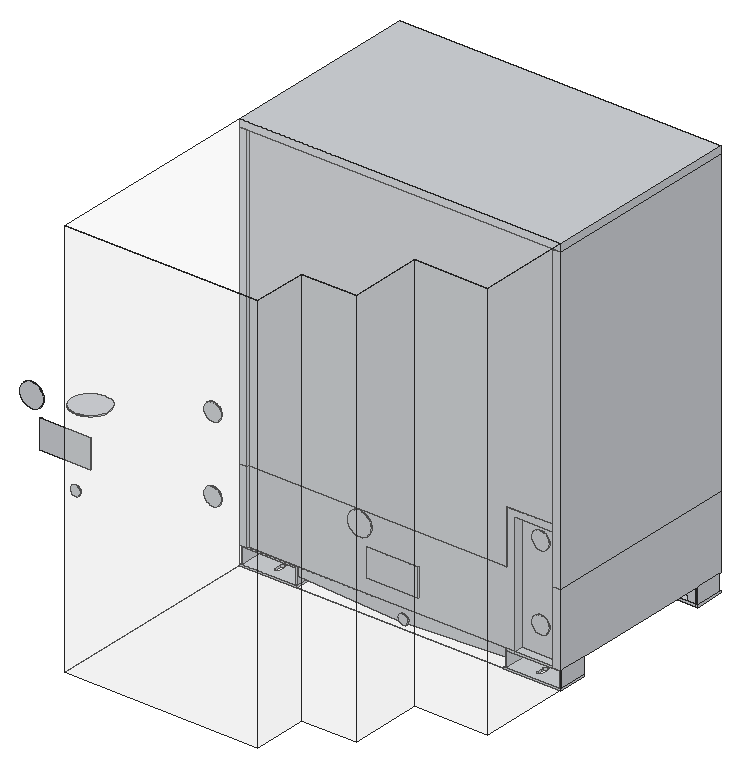
Revit family "pqry-p224_1000(s)dmg9_60Hz", category 機械設備, Revit 2019
Family settings
  丸型コネクタ寸法 = 直径を使用
  パーツ タイプ = 標準
  OmniClass 番号 = 23.75.10.24.21.27.27
  OmniClass タイトル = Split System Air Conditioning Units
  作業面ベース = いいえ
  常に垂直 = はい
  ロード時にボイドで切り取り = いいえ
  共有 = いいえ
  部屋計算ポイント = いいえ
Parameters (values of type "PQRY-P224DMG9")
  音響パワーレベル(dB) = 67
  電源種別 = ""
  電源径 = 65.00 mm  # constant formula
  電圧 = 200 V
  電動機出力_送風機 = 0 kW
  電動機出力_圧縮機 = 5.1 kW
  集中コントローラ [instance] = ""
  運転質量 = 178.00 kg
  運転方法 = "冷暖同時"
  質量 = 0.00 kg
  負荷分類 = 1_熱源類
  説明 = "ビル用マルチエアコン 室外ユニット シティマルチWR2 Eeco"
  設計暖房能力 [instance] = 0 kW
  設計冷房能力_顕熱 [instance] = 0 kW
  設計冷房能力 [instance] = 0 kW
  設置方法 = "床置形"
  記号 [instance] = ""
  製造元 = "三菱電機株式会社"
  製品質量 = 173.00 kg
  製品出荷対象 = "国内"
  製品リリース年月 = "2024/4/26"
  製品グループ = ""
  系統 [instance] = ""
  符号 = "EHP"
  積算_科目 = "1 空気調和設備"
  積算_拾い区分 [instance] = ""
  相 = 3
  盤記号 [instance] = ""
  発停方法 = "付属スイッチ"
  特殊仕様 [instance] = ""
  熱源水量 = 5.76 m³/h
  熱源水管径 = 48.60 mm
  熱源水入口温度_暖房 = 20
  熱源水入口温度_冷房 = 30
  消費電力_暖房 = 3.57 kW
  消費電力_冷房 = 4.05 kW
  消費電力 = if(消費電力_冷房 > 消費電力_暖房, 消費電力_冷房, 消費電力_暖房)  # 4.05 kW
  法定耐用年数 = "15"
  水配管出口径 = 水配管入口径  # 48.60 mm
  水配管入口径 = 48.60 mm  # constant formula
  水熱交換機器　保有水量 = 4.6
  機械基礎質量 [instance] = 0.00 kg
  機械基礎_W = 0.00 mm
  機械基礎_H = 0.00 mm
  機械基礎_D = 0.00 mm
  機械基礎 [instance] = no
  極数 = 3
  材質 [instance] = ""
  本体マテリアル = none
  最小電線太さ_mm2 = 5.5
  最大電流値 = 20 A
  暖房能力 = 25 kW
  損失水頭_熱源水一次側 = 24000.0 Pa
  推奨ブレーカー容量 = 30 A
  形式 = "マルチパッケージ形 室外機"
  冷媒液管径 = 15.88 mm
  冷媒ガス管径 = 19.05 mm
  ユニット2 = PQRY-P-DMG① : PQRY-P224DMG9
  幹線記号 [instance] = ""
  始動方式 = "インバーター"
  呼称 = "マルチパッケージ形空気調和機"
  周波数 = 60 Hz
  参照している仕様書等のバージョン = "公共建築工事標準仕様書（機械設備工事編）平成31年度版"
  分類コード = "50053005200000"
  分類グループ = ""
  冷房能力 = 22.4 kW
  冷媒管長 [instance] = 0.00 mm
  冷媒管径符号 = "De"
  冷媒管径 = 100.00 mm  # constant formula
  価格 = 0
  企業コード = "108420"
  付属品 [instance] = ""
  仕様書バージョン = "Version1.0"
  ユニット数 = 1
  ユニット2電源高さ = ユニット1電源高さ  # 216.00 mm
  ユニット2電源幅 = ユニット1電源幅  # 555.00 mm
  ユニット2ダクト左位置 = ユニット1ダクト左位置  # 394.00 mm
  ユニット2ダクト下位置 = ユニット1ダクト下位置  # 89.00 mm
  ユニット2水配管出口高さ = ユニット1水配管出口高さ  # 208.00 mm
  ユニット2水配管出口幅 = ユニット1水配管出口幅  # 77.00 mm
  ユニット2水配管入口高さ = ユニット1水配管入口高さ  # 124.00 mm
  ユニット2水配管入口幅 = ユニット1水配管入口幅  # 77.00 mm
  ユニット2冷媒高圧径 = 15.88 mm
  ユニット2冷媒管高さ = ユニット1冷媒管高さ  # 185.00 mm
  ユニット2冷媒管幅 = ユニット1冷媒管幅  # 463.50 mm
  ユニット2冷媒管奥行き = ユニット1冷媒管奥行き  # 91.00 mm
  ユニット2冷媒低圧径 = 19.05 mm
  ユニット2ドレン高さ = ユニット1ドレン高さ  # 23.00 mm
  ユニット2ドレン幅 = ユニット1ドレン幅  # 435.00 mm
  ユニット2表示 = no
  ユニット1 = PQRY-P-DMG① : PQRY-P224DMG9
  ユニット1電源高さ = 216.00 mm
  ユニット1電源幅 = 555.00 mm
  ユニット1ダクト左位置 = 394.00 mm
  ユニット1ダクト下位置 = 89.00 mm  # constant formula
  ユニット1水配管出口高さ = 208.00 mm
  ユニット1水配管出口幅 = ユニット1水配管入口幅  # 77.00 mm
  ユニット1水配管入口高さ = 124.00 mm
  ユニット1水配管入口幅 = 77.00 mm
  ユニット1冷媒高圧径 = 15.88 mm
  ユニット1冷媒管高さ = 185.00 mm
  ユニット1冷媒管幅 = 463.50 mm
  ユニット1冷媒管奥行き = 91.00 mm
  ユニット1冷媒低圧径 = 19.05 mm
  ユニット1ドレン高さ = 23.00 mm  # constant formula
  ユニット1ドレン幅 = 435.00 mm
  モデル = "PQRY-P224DMG9"
  ドレン管径 = 27.20 mm  # constant formula
  ダクト高 = 77 mm  # constant formula
  ダクト幅 = 140 mm  # constant formula
  サービススペース = yes
  ユニット間隔 = 20.00 mm  # constant formula
  コメント [instance] = ""
  Keynote = ""
  Width = 880.00 mm
  Version = ""
  Uniclass2015Version = "Systems v1.9"
  Uniclass2015Title = "Split coil remote air cooled condensing units"
  Uniclass2015Code = "Pr_70_65_03_84"
  URL = "https://www.mitsubishielectric.co.jp/ldg/wink/qr/002/331987/"
  SpecificationReference = ""
  SpecificationDescription = ""
  Revision = ""
  ProductInformation = ""
  OmniClassCode = "23-33 17 13 11"
  OUTLINE_2 = outline_w : outline_s
  OUTLINE_1 = outline_w : outline_s
  MAX風量 = 0 m³/h
  IfcTypeProduct = ""
  IfcProduct = ""
  IfcExportType = "AIRCONDITIONINGUNIT"
  IfcExportAs = "IfcUnitaryEquipmentType"
  Height = 1100.00 mm
  Depth = 550.00 mm
  Clearance Top = 0.00 mm
  Clearance Right = 0.00 mm
  Clearance Left = 0.00 mm
  Clearance Front = 600.00 mm
  Clearance Back = 0.00 mm
  COP = 0
  Author = "三菱電機株式会社"
  APF = 0
Reference planes
  plane 1: z = 0
  plane 2: z = 1100
  plane 3: z = 1100
  plane 4 "中心(正面/背面)": y = 275
  plane 5 "中心(左/右)": x = 1340
  plane 6 "左": x = 0
  plane 7 "正面": y = 0
  plane 8 "背面": y = 550
  plane 9: x = 880
  plane 10: x = 900
  plane 11: x = 1780
  plane 12: y = -150
  plane 13: y = 550
  plane 14: y = -600
  plane 15: x = 0
  plane 16: x = 1780
  plane 17: x = 440
  plane 18: y = 5
  plane 19: y = 4
  plane 20: y = 29
  plane 21: y = 28
  plane 22: x = 1703
  plane 23: x = 803
  plane 24: z = 332
  plane 25: z = 124
  plane 26: z = 124
  plane 27: z = 332
  plane 28: x = 445
  plane 29: x = 1345
  plane 30: z = 23
  plane 31: z = 23
  plane 32: x = 325
  plane 33: x = 1225
  plane 34: z = 216
  plane 35: z = 216
  plane 36: x = 486
  plane 37: x = 346
  plane 38: x = 1386
  plane 39: x = 1246
  plane 40: z = 166
  plane 41: z = 89
  plane 42: z = 166
  plane 43: z = 89
  plane 44: x = 416.5
  plane 45: x = 1316.5
  plane 46: y = 91
  plane 47: y = 91
  plane 48: z = 185
  plane 49: z = 186
  plane 50: z = 185
  plane 51: z = 186
Forms (mm)
  Extrusion 1, solid, detail levels fine
    sketch origin (0, 275, 0) x (1, 0, 0) y (0, 0, 1)
      loop
        circle (803, 332) r 24.3
      loop
        circle (803, 124) r 24.3
    from 246 to 247
  Extrusion 2, solid, visible <- "ユニット2表示", detail levels fine
    sketch origin (0, 275, 0) x (1, 0, 0) y (0, 0, 1)
      loop
        circle (1703, 332) r 24.3
      loop
        circle (1703, 124) r 24.3
    from 246 to 247
  Extrusion 3, solid, detail levels fine
    sketch origin (0, 275, 0) x (1, 0, 0) y (0, 0, 1)
      loop
        circle (445, 23) r 13.6
    from 270 to 271
  Extrusion 4, solid, visible <- "ユニット2表示", detail levels fine
    sketch origin (0, 275, 0) x (1, 0, 0) y (0, 0, 1)
      loop
        circle (1345, 23) r 13.6
    from 270 to 271
  Extrusion 5, solid, visible <- "ユニット2表示", detail levels fine
    sketch origin (0, 275, 0) x (1, 0, 0) y (0, 0, 1)
      loop
        circle (1225, 216) r 32.5
    from 270 to 271
  Extrusion 6, solid, detail levels fine
    sketch origin (0, 275, 0) x (1, 0, 0) y (0, 0, 1)
      loop
        circle (325, 216) r 32.5
    from 270 to 271
  Extrusion 7, solid, visible <- "ユニット2表示", detail levels fine
    sketch origin (0, 275, 0) x (1, 0, 0) y (0, 0, 1)
      loop
        line (1246, 166) -> (1246, 89) -> (1386, 89) -> (1386, 166) -> (1246, 166)
    from 270 to 271
  Extrusion 8, solid, detail levels fine
    sketch origin (0, 275, 0) x (1, 0, 0) y (0, 0, 1)
      loop
        line (346, 89) -> (486, 89) -> (486, 166) -> (346, 166) -> (346, 89)
    from 270 to 271
  Extrusion 9, solid, detail levels fine
    sketch origin (0, 0, 0) x (1, 0, 0) y (0, 1, 0)
      loop
        circle (416.5, 91) r 50
    from 185 to 186
  Extrusion 10, solid, visible <- "ユニット2表示", detail levels fine
    sketch origin (0, 0, 0) x (1, 0, 0) y (0, 1, 0)
      loop
        circle (1316.5, 91) r 50
    from 185 to 186
Dimensions and locks
  "Clearance Top": plane 3 to plane 2
  equal spacing: plane 7 "正面", plane 4 "中心(正面/背面)", plane 8 "背面"
  "Width": plane 6 "左" to plane 9
  "Width": plane 10 to plane 11
  "ユニット間隔": plane 9 to plane 10
  "Clearance Back": plane 13 to plane 8 "背面"
  "Clearance Front": plane 14 to plane 7 "正面"
  "Clearance Left": plane 15 to plane 6 "左"
  "Depth": plane 7 "正面" to plane 8 "背面"
  equal spacing: plane 6 "左", plane 17, plane 9
  equal spacing: plane 10, plane 5 "中心(左/右)", plane 11
  "Clearance Right": plane 11 to plane 16
  "Height": plane 2 to level
  locked: plane 19 to plane 18 at 1
  locked: plane 7 "正面" to plane 18 at 5
  locked: plane 21 to plane 20 at 1
  locked: plane 7 "正面" to plane 20 at 29
  "ユニット2水配管入口幅": plane 11 to plane 22
  "ユニット1水配管入口幅": plane 9 to plane 23
  "ユニット1水配管入口高さ": plane 25 to plane 1
  "ユニット1水配管出口高さ": plane 24 to plane 25
  "ユニット2水配管入口高さ": plane 26 to plane 1
  "ユニット2水配管出口高さ": plane 27 to plane 26
  "ユニット2ドレン高さ": plane 30 to plane 1
  "ユニット1ドレン幅": plane 9 to plane 28
  "ユニット2ドレン幅": plane 11 to plane 29
  "ユニット1ドレン高さ": plane 31 to plane 1
  "ユニット1電源高さ": plane 35 to plane 1
  "ユニット1電源幅": plane 9 to plane 32
  "ユニット2電源高さ": plane 34 to plane 1
  "ユニット2電源幅": plane 11 to plane 33
  "ユニット1ダクト左位置": plane 9 to plane 36
  "ダクト幅": plane 36 to plane 37
  "ユニット2ダクト左位置": plane 11 to plane 38
  "ダクト幅": plane 38 to plane 39
  "ユニット1ダクト下位置": plane 41 to plane 1
  "ダクト高": plane 42 to plane 43
  "ユニット2ダクト下位置": plane 43 to plane 1
  "ダクト高": plane 40 to plane 41
  "ユニット1冷媒管奥行き": plane 7 "正面" to plane 46
  "ユニット2冷媒管奥行き": plane 7 "正面" to plane 47
  "ユニット1冷媒管幅": plane 9 to plane 44
  "ユニット2冷媒管幅": plane 11 to plane 45
  locked: plane 49 to plane 48 at 1
  locked: plane 51 to plane 50 at 1
  "ユニット1冷媒管高さ": plane 48 to plane 1
  "ユニット2冷媒管高さ": plane 50 to plane 1
  "水配管出口径": diameter of Extrusion 1 sketch curve
  "水配管入口径": diameter of Extrusion 1 sketch curve
  "水配管出口径": diameter of Extrusion 2 sketch curve
  "水配管入口径": diameter of Extrusion 2 sketch curve
  "ドレン管径": diameter of Extrusion 3 sketch curve
  "ドレン管径": diameter of Extrusion 4 sketch curve
  "電源径": diameter of Extrusion 6 sketch curve
  "電源径": diameter of Extrusion 5 sketch curve
  "冷媒管径": diameter of Extrusion 9 sketch curve
  "冷媒管径": diameter of Extrusion 10 sketch curve
  aligned and locked: level to plane 1
  aligned and locked: plane 1 to nested 1
  aligned and locked: plane 3 to nested 1
  aligned and locked: plane 3 to nested 4
  aligned and locked: plane 24 to Extrusion 1 sketch curve
  aligned and locked: plane 25 to Extrusion 1 sketch curve
  aligned and locked: plane 23 to Extrusion 1 sketch curve  (x2)
  aligned and locked: Extrusion 1 to plane 20
  aligned and locked: plane 21 to Extrusion 1
  aligned and locked: plane 27 to Extrusion 2 sketch curve
  aligned and locked: plane 22 to Extrusion 2 sketch curve  (x2)
  aligned and locked: plane 26 to Extrusion 2 sketch curve
  aligned and locked: Extrusion 2 to plane 20
  aligned and locked: plane 21 to Extrusion 2
  aligned and locked: plane 28 to Extrusion 3 sketch curve
  aligned and locked: plane 30 to Extrusion 4 sketch curve
  aligned and locked: plane 29 to Extrusion 4 sketch curve
  aligned and locked: Extrusion 4 to plane 18
  aligned and locked: plane 19 to Extrusion 4
  aligned and locked: plane 18 to Extrusion 3
  aligned and locked: plane 19 to Extrusion 3
  aligned and locked: plane 31 to Extrusion 3 sketch curve
  aligned and locked: plane 35 to Extrusion 6 sketch curve
  aligned and locked: plane 32 to Extrusion 6 sketch curve
  aligned and locked: plane 34 to Extrusion 5 sketch curve
  aligned and locked: plane 33 to Extrusion 5 sketch curve
  aligned and locked: Extrusion 6 to plane 18
  aligned and locked: plane 19 to Extrusion 6
  aligned and locked: Extrusion 5 to plane 18
  aligned and locked: plane 19 to Extrusion 5
  aligned and locked: Extrusion 7 sketch curve to plane 42
  aligned and locked: plane 39 to Extrusion 7 sketch curve
  aligned and locked: plane 43 to Extrusion 7 sketch curve
  aligned and locked: Extrusion 7 sketch curve to plane 38
  aligned and locked: Extrusion 7 to plane 18
  aligned and locked: plane 19 to Extrusion 7
  aligned and locked: Extrusion 8 sketch curve to plane 41
  aligned and locked: plane 37 to Extrusion 8 sketch curve
  aligned and locked: plane 40 to Extrusion 8 sketch curve
  aligned and locked: Extrusion 8 sketch curve to plane 36
  aligned and locked: Extrusion 8 to plane 18
  aligned and locked: plane 19 to Extrusion 8
  aligned and locked: plane 46 to Extrusion 9 sketch curve
  aligned and locked: plane 44 to Extrusion 9 sketch curve
  aligned and locked: plane 47 to Extrusion 10 sketch curve
  aligned and locked: plane 45 to Extrusion 10 sketch curve
  aligned and locked: plane 51 to Extrusion 10
  aligned and locked: Extrusion 10 to plane 50
  aligned and locked: plane 49 to Extrusion 9
  aligned and locked: Extrusion 9 to plane 48
  aligned and locked: plane 4 "中心(正面/背面)" to nested 2
  aligned and locked: plane 17 to nested 2
  aligned and locked: plane 5 "中心(左/右)" to nested 3
  aligned and locked: plane 4 "中心(正面/背面)" to nested 3
  aligned and locked: plane 15 to nested 4
  aligned and locked: plane 9 to nested 4
  aligned and locked: nested 4 to plane 14
  aligned and locked: plane 7 "正面" to nested 4
  aligned and locked: nested 3 to plane 7 "正面"
  aligned and locked: plane 16 to nested 1
  aligned and locked: nested 1 to plane 14
  aligned and locked: plane 10 to nested 1
  aligned and locked: plane 4 "中心(正面/背面)" to nested 5
  aligned and locked: plane 4 "中心(正面/背面)" to nested 6
  aligned and locked: plane 5 "中心(左/右)" to nested 6
  aligned and locked: plane 17 to nested 5
Nested families
  nested 1: "サービススペース(pqry-p)" at (1340, -300, 550), type "サービススペース(pqry-p)"
    with 表示 yes, Width 880.00 mm, Height 1100.00 mm, Depth 600.00 mm
  nested 2: "PQRY-P-DMG①" at (440, 275, 0), type <- "ユニット2", ⑥水配管-径 <- "水配管入口径", ⑥水配管-H <- "ユニット2水配管入口高さ", ⑥水配管-W <- "ユニット2水配管出口幅", ⑦水配管-H <- "ユニット2水配管出口高さ", マテリアル1 <- "本体マテリアル", ⑧ドレン-H <- "ユニット2ドレン高さ", ⑧ドレン-W <- "ユニット2ドレン幅", ⑧ドレン-径 <- "ドレン管径", ①-H <- "ユニット2ダクト下位置", ①-W <- "ユニット2ダクト左位置", ①配管用-H <- "ダクト高", ①配管用-W <- "ダクト幅", ③電源-H <- "ユニット2電源高さ", ③電源-W <- "ユニット2電源幅", ③電源-径 <- "電源径", 圧-径 <- "冷媒管径", 低圧-D <- "ユニット2冷媒管奥行き", 低圧-H <- "ユニット2冷媒管高さ", 低圧-径 <- "ユニット2冷媒低圧径", 高圧-D <- "ユニット2冷媒管奥行き", 高圧-H <- "ユニット2冷媒管高さ", 高圧-径 <- "ユニット2冷媒高圧径", ユニット表示 <- "ユニット2表示", type "PQRY-P224DMG9"
    with 高圧-径 15.88 mm, 高圧-W 83.00 mm, 高圧-H 185.00 mm, 高圧-D 91.00 mm, 高 1100.00 mm, 幅 880.00 mm, 奥行 550.00 mm, 圧-径 100.00 mm, 吊りボルト-径 14.00 mm, 吊りボルト-W 721.00 mm, 吊りボルト-D 473.00 mm, 低圧-径 19.05 mm, 低圧-W 422.00 mm, 低圧-H 185.00 mm, 低圧-D 91.00 mm, ユニット表示 no, マテリアル2 none, マテリアル1 none, ⑧ドレン-径 27.20 mm, ⑧ドレン-W 435.00 mm, ⑧ドレン-H 23.00 mm, ⑦水配管-径 48.60 mm, ⑦水配管-W 77.00 mm, ⑦水配管-H 208.00 mm, ⑥水配管-径 48.60 mm, ⑥水配管-W 77.00 mm, ⑥水配管-H 124.00 mm, ③電源-径 65.00 mm, ③電源-W 555.00 mm, ③電源-H 216.00 mm, ①配管用-W 140.00 mm, ①配管用-H 77.00 mm, ①-W 394.00 mm, ①-H 89.00 mm
  nested 3: "PQRY-P-DMG①" at (1340, 275, 0), type <- "ユニット1", ⑥水配管-径 <- "水配管入口径", ⑧ドレン-H <- "ユニット1ドレン高さ", ⑧ドレン-W <- "ユニット1ドレン幅", ⑧ドレン-径 <- "ドレン管径", ⑥水配管-H <- "ユニット1水配管入口高さ", ⑥水配管-W <- "ユニット1水配管入口幅", ⑦水配管-H <- "ユニット1水配管出口高さ", ①-H <- "ユニット1ダクト下位置", ①-W <- "ユニット1ダクト左位置", ①配管用-H <- "ダクト高", ①配管用-W <- "ダクト幅", ③電源-H <- "ユニット1電源高さ", ③電源-W <- "ユニット1電源幅", ③電源-径 <- "電源径", 圧-径 <- "冷媒管径", 低圧-D <- "ユニット1冷媒管奥行き", 低圧-H <- "ユニット1冷媒管高さ", 低圧-径 <- "ユニット1冷媒低圧径", 高圧-D <- "ユニット1冷媒管奥行き", 高圧-H <- "ユニット1冷媒管高さ", 高圧-径 <- "ユニット1冷媒高圧径", マテリアル1 <- "本体マテリアル", type "PQRY-P224DMG9"
    with 高圧-径 15.88 mm, 高圧-W 83.00 mm, 高圧-H 185.00 mm, 高圧-D 91.00 mm, 高 1100.00 mm, 幅 880.00 mm, 奥行 550.00 mm, 圧-径 100.00 mm, 吊りボルト-径 14.00 mm, 吊りボルト-W 721.00 mm, 吊りボルト-D 473.00 mm, 低圧-径 19.05 mm, 低圧-W 422.00 mm, 低圧-H 185.00 mm, 低圧-D 91.00 mm, ユニット表示 yes, マテリアル2 none, マテリアル1 none, ⑧ドレン-径 27.20 mm, ⑧ドレン-W 435.00 mm, ⑧ドレン-H 23.00 mm, ⑦水配管-径 48.60 mm, ⑦水配管-W 77.00 mm, ⑦水配管-H 208.00 mm, ⑥水配管-径 48.60 mm, ⑥水配管-W 77.00 mm, ⑥水配管-H 124.00 mm, ③電源-径 65.00 mm, ③電源-W 555.00 mm, ③電源-H 216.00 mm, ①配管用-W 140.00 mm, ①配管用-H 77.00 mm, ①-W 394.00 mm, ①-H 89.00 mm
  nested 4: "サービススペース(pqry-p)" at (440, -300, 550), 表示 <- "ユニット2表示", type "サービススペース(pqry-p)"
    with 表示 no, Width 880.00 mm, Height 1100.00 mm, Depth 600.00 mm
  nested 5: "outline_w" at (440, 275, 0), ユニット2 <- "ユニット2表示", type <- "OUTLINE_2", Height <- "Height", OUTLINE表示 <- "ユニット2表示", type "outline_s"
    with ユニット2 no, Width 880.00 mm, OUTLINE表示 no, Height 1100.00 mm, Depth 550.00 mm
  nested 6: "outline_w" at (1340, 275, 0), type <- "OUTLINE_1", Height <- "Height", type "outline_s"
    with ユニット2 yes, Width 880.00 mm, OUTLINE表示 yes, Height 1100.00 mm, Depth 550.00 mm
Connectors
  piping at (1316.5, 91, 185), diameter 100, driven by "冷媒管径", driven by "冷媒管径符号"
    settings: on Extrusion 10, index 1, connector inside diameter 609.60 mm, connector length 0.00 mm, flow factor 0, pipe flow 0.0 m³/h, pressure drop 0.0 Pa, fitting loss kfactor 0, connector angle 0.00°, fixture units 0, engagement length 0.00 mm, angle of deflection 0.00°, flow configuration 1, flow direction 2, fitting loss method 4, system type 7, joint type 0, gender type 0, connector reference index -1, connector utility 0, adjustable connector no, is connector primary yes, connector description "De"
  piping at (416.5, 91, 185), diameter 100, driven by "冷媒管径", driven by "冷媒管径符号"
    settings: on Extrusion 9, index 2, connector inside diameter 609.60 mm, connector length 0.00 mm, flow factor 0, pipe flow 0.0 m³/h, pressure drop 0.0 Pa, fitting loss kfactor 0, connector angle 0.00°, fixture units 0, engagement length 0.00 mm, angle of deflection 0.00°, flow configuration 1, flow direction 2, fitting loss method 4, system type 7, joint type 0, gender type 0, connector reference index -1, connector utility 0, adjustable connector no, is connector primary no, connector description "De"
  electrical at (1225, 4, 216), driven by "極数", driven by "負荷分類", driven by "電圧", driven by "消費電力"
    settings: on Extrusion 5, index 3, voltage 200 V, apparent load 4050 VA, apparent load phase1 0 VA, apparent load phase2 0 VA, apparent load phase3 0 VA, power factor 1, load classification "1_熱源類", number of poles 3, system type 30, power factor state 1, is connector primary yes, connector utility no, sub classification motor no, connector description ""
  electrical at (325, 4, 216), driven by "極数", driven by "負荷分類", driven by "電圧", driven by "消費電力"
    settings: on Extrusion 6, index 4, voltage 200 V, apparent load 4050 VA, apparent load phase1 0 VA, apparent load phase2 0 VA, apparent load phase3 0 VA, power factor 1, load classification "1_熱源類", number of poles 3, system type 30, power factor state 1, is connector primary no, connector utility no, sub classification motor no, connector description ""
  hvac at (1316, 4, 127.5), driven by "ダクト高", driven by "ダクト幅", driven by "冷媒管径符号"
    settings: on Extrusion 7, index 5, duct flow 0 m³/h, flow factor 0, pres drop 0.0 Pa, loss coef 0, conn angle 0.00°, conn width 140 mm, conn height 77 mm, conn diameter 609.6 mm, duct sys type 29, conn prof type 1, flow config 1, flow direction 2, loss method 0, conn ref index -1, conn util no, is conn primary yes, conn desc "De"
  hvac at (416, 4, 127.5), driven by "ダクト高", driven by "ダクト幅", driven by "冷媒管径符号"
    settings: on Extrusion 8, index 6, duct flow 0 m³/h, flow factor 0, pres drop 0.0 Pa, loss coef 0, conn angle 0.00°, conn width 140 mm, conn height 77 mm, conn diameter 609.6 mm, duct sys type 29, conn prof type 1, flow config 1, flow direction 2, loss method 0, conn ref index -1, conn util no, is conn primary no, conn desc "De"
  piping at (1345, 4, 23), diameter 27.2, driven by "ドレン管径"
    settings: on Extrusion 4, index 7, connector inside diameter 609.60 mm, connector length 0.00 mm, flow factor 0, pipe flow 0.0 m³/h, pressure drop 0.0 Pa, fitting loss kfactor 0, connector angle 0.00°, fixture units 0, engagement length 0.00 mm, angle of deflection 0.00°, flow configuration 1, flow direction 2, fitting loss method 4, system type 16, joint type 0, gender type 0, connector reference index -1, connector utility 0, adjustable connector no, is connector primary no, connector description ""
  piping at (445, 4, 23), diameter 27.2, driven by "ドレン管径"
    settings: on Extrusion 3, index 8, connector inside diameter 609.60 mm, connector length 0.00 mm, flow factor 0, pipe flow 0.0 m³/h, pressure drop 0.0 Pa, fitting loss kfactor 0, connector angle 0.00°, fixture units 0, engagement length 0.00 mm, angle of deflection 0.00°, flow configuration 1, flow direction 2, fitting loss method 4, system type 16, joint type 0, gender type 0, connector reference index -1, connector utility 0, adjustable connector no, is connector primary no, connector description ""
  piping at (803, 28, 124), diameter 48.6, driven by "水配管入口径", driven by "熱源水量", driven by "損失水頭_熱源水一次側"
    settings: on Extrusion 1, index 9, connector inside diameter 609.60 mm, connector length 0.00 mm, flow factor 0, pipe flow 5.76 m³/h, pressure drop 24000.0 Pa, fitting loss kfactor 0, connector angle 0.00°, fixture units 0, engagement length 0.00 mm, angle of deflection 0.00°, flow configuration 1, flow direction 1, fitting loss method 4, system type 8, joint type 0, gender type 0, connector reference index -1, connector utility 0, adjustable connector no, is connector primary no, connector description ""
  piping at (803, 28, 332), diameter 48.6, driven by "水配管出口径", driven by "熱源水量", driven by "損失水頭_熱源水一次側"
    settings: on Extrusion 1, index 10, connector inside diameter 609.60 mm, connector length 0.00 mm, flow factor 0, pipe flow 5.76 m³/h, pressure drop 24000.0 Pa, fitting loss kfactor 0, connector angle 0.00°, fixture units 0, engagement length 0.00 mm, angle of deflection 0.00°, flow configuration 1, flow direction 2, fitting loss method 4, system type 7, joint type 0, gender type 0, connector reference index -1, connector utility 0, adjustable connector no, is connector primary no, connector description ""
  piping at (1703, 28, 332), diameter 48.6, driven by "水配管出口径", driven by "熱源水量", driven by "損失水頭_熱源水一次側"
    settings: on Extrusion 2, index 11, connector inside diameter 609.60 mm, connector length 0.00 mm, flow factor 0, pipe flow 5.76 m³/h, pressure drop 24000.0 Pa, fitting loss kfactor 0, connector angle 0.00°, fixture units 0, engagement length 0.00 mm, angle of deflection 0.00°, flow configuration 1, flow direction 2, fitting loss method 4, system type 7, joint type 0, gender type 0, connector reference index -1, connector utility 0, adjustable connector no, is connector primary no, connector description ""
  piping at (1703, 28, 124), diameter 48.6, driven by "水配管入口径", driven by "熱源水量", driven by "損失水頭_熱源水一次側"
    settings: on Extrusion 2, index 12, connector inside diameter 609.60 mm, connector length 0.00 mm, flow factor 0, pipe flow 5.76 m³/h, pressure drop 24000.0 Pa, fitting loss kfactor 0, connector angle 0.00°, fixture units 0, engagement length 0.00 mm, angle of deflection 0.00°, flow configuration 1, flow direction 1, fitting loss method 4, system type 8, joint type 0, gender type 0, connector reference index -1, connector utility 0, adjustable connector no, is connector primary no, connector description ""
Definition of nested family "サービススペース(pqry-p)"
  Parameters (values of type "サービススペース")
    表示 [instance] = yes
    Width [instance] = 880.00 mm
    Height [instance] = 500.00 mm
    Depth [instance] = 600.00 mm
  Reference planes
    plane 1 "中心(正面/背面)": y = 0
    plane 2: z = 0
    plane 3 "中心(左/右)": x = 0
    plane 4: y = -300
    plane 5: x = 440
    plane 6: y = 300
    plane 7: x = -440
    plane 8: z = 250
    plane 9: z = -250
    plane 10: y = 50
    plane 11: y = -150
    plane 12: x = 240
    plane 13: x = 90
  Forms (mm)
    Extrusion 1, solid, visible <- "表示"
      sketch origin (-638.939, 0, 72.39) x (1, 0, 0) y (0, 1, 0)
        loop
          line (198.939, 300) -> (198.939, -300) -> (728.939, -300) -> (728.939, -150) -> (878.939, -150) -> (878.939, 50) -> (1078.939, 50) -> (1078.939, 300) -> (198.939, 300)
      from -322.39 to 177.61
  Lines and regions (mm)
    symbolic lines
      curve 1: line (-440, 0, 250) -> (440, 0, 250)
      curve 2: line (-440, 0, -250) -> (-440, 0, 250)
      curve 3: line (440, 0, -250) -> (-440, 0, -250)
      curve 4: line (440, 0, 250) -> (440, 0, -250)
      curve 5: line (0, -300, 250) -> (0, 300, 250)
      curve 6: line (0, -300, -250) -> (0, -300, 250)
      curve 7: line (0, 300, -250) -> (0, -300, -250)
      curve 8: line (0, 300, 250) -> (0, 300, -250)
    symbolic lines, visible <- "表示"
      curve 9: line (-440, 300, 0) -> (440, 300, 0)
      curve 10: line (-440, -300, 0) -> (-440, 300, 0)
      curve 11: line (90, -300, 0) -> (-440, -300, 0)
      curve 12: line (440, 300, 0) -> (440, 50, 0)
      curve 13: line (240, 50, 0) -> (440, 50, 0)
      curve 14: line (240, -150, 0) -> (240, 50, 0)
      curve 15: line (90, -150, 0) -> (240, -150, 0)
      curve 16: line (90, -300, 0) -> (90, -150, 0)
  Dimensions and locks
    equal spacing: plane 7, plane 3 "中心(左/右)", plane 5
    equal spacing: plane 4, plane 1 "中心(正面/背面)", plane 6
    "Depth": plane 4 to plane 6
    "Width": plane 7 to plane 5
    equal spacing: plane 8, plane 2, plane 9
    "Height": plane 8 to plane 9
    locked: plane 10 to plane 6 at 250
    locked: plane 11 to plane 6 at 450
    locked: plane 12 to plane 5 at 200
    locked: plane 13 to plane 5 at 350
    aligned and locked: plane 9 to curve 3
    aligned and locked: plane 7 to curve 2
    aligned and locked: curve 4 to plane 5
    aligned and locked: plane 5 to Extrusion 1
    aligned and locked: Extrusion 1 to plane 7
    aligned and locked: Extrusion 1 to plane 9
    aligned and locked: plane 8 to Extrusion 1
    aligned and locked: plane 9 to curve 7
    aligned and locked: Extrusion 1 sketch curve to plane 10
    aligned and locked: Extrusion 1 sketch curve to plane 12
    aligned and locked: Extrusion 1 sketch curve to plane 13
    aligned and locked: Extrusion 1 sketch curve to plane 11
    aligned and locked: curve 13 to Extrusion 1
    aligned and locked: curve 14 to Extrusion 1
    aligned and locked: curve 15 to Extrusion 1
    aligned and locked: curve 16 to Extrusion 1
  Automatic sketch dimensions
    plane 4 to Extrusion 1 sketch curve = 0.00 mm
    Extrusion 1 sketch curve to plane 7 = 0.00 mm
    plane 6 to Extrusion 1 sketch curve = 0.00 mm
    curve 2 to plane 8 = 0.00 mm
    plane 4 to curve 11 = 0.00 mm
    curve 11 to plane 7 = 0.00 mm
    plane 6 to curve 10 = 0.00 mm
    curve 7 to plane 4 = 0.00 mm
    curve 7 to plane 6 = 0.00 mm
    curve 6 to plane 8 = 0.00 mm
    Extrusion 1 sketch curve to plane 5 = 0.00 mm
    curve 12 to plane 5 = 0.00 mm
Definition of nested family "PQRY-P-DMG①"
  Parameters (values of type "PQRY-P224DMG5")
    高圧-径 [instance] = 15.88 mm
    高圧-W [instance] = 83.00 mm
    高圧-H [instance] = 185.00 mm
    高圧-D [instance] = 91.00 mm
    高 [instance] = 1100.00 mm
    圧-径 [instance] = 100.00 mm
    ⑦水配管-径 [instance] = [⑥水配管-径]  # 52.00 mm
    ⑦水配管-W [instance] = [⑥水配管-W]  # 77.00 mm
    ⑦水配管-H [instance] = 208.00 mm
    ⑥水配管-径 [instance] = 52.00 mm
    ⑥水配管-W [instance] = 77.00 mm
    ⑥水配管-H [instance] = 124.00 mm
    ③電源-径 [instance] = 65.00 mm
    ③電源-W [instance] = 555.00 mm
    ③電源-H [instance] = 216.00 mm
    ユニット表示 [instance] = yes
    幅 [instance] = 880.00 mm
    奥行 [instance] = 550.00 mm
    吊りボルト-径 [instance] = 14.00 mm
    吊りボルト-W [instance] = 721.00 mm
    吊りボルト-D [instance] = 473.00 mm
    低圧-径 [instance] = 19.05 mm
    低圧-W [instance] = 422.00 mm
    低圧-H [instance] = 185.00 mm
    低圧-D [instance] = 91.00 mm
    マテリアル2 [instance] = none
    マテリアル1 [instance] = none
    ⑧ドレン-径 [instance] = 26.00 mm
    ⑧ドレン-W [instance] = 435.00 mm
    ⑧ドレン-H [instance] = 23.00 mm
    ①配管用-W [instance] = 140.00 mm
    ①配管用-H [instance] = 77.00 mm
    ①-W [instance] = 394.00 mm
    ①-H [instance] = 89.00 mm
  Types (4): name
    (no name)
    PQRY-P224DMG5
    PQRY-P280DMG5
    PQRY-P335DMG5
  Reference planes
    plane 1 "中心(正面/背面)": y = 0
    plane 2: z = 0
    plane 3 "中心(左/右)": x = 0
    plane 4: x = 440
    plane 5: x = -440
    plane 6: y = 275
    plane 7: y = -275
    plane 8: z = 1100
    plane 9: z = 250
    plane 10: z = 400
    plane 11: z = 1080
    plane 12: x = 420
    plane 13: x = -420
    plane 14: x = 290
    plane 15: z = 50
    plane 16: y = -246
    plane 17: y = 270
    plane 18: y = -270
    plane 19: y = 236.5
    plane 20: y = -236.5
    plane 21: x = 360.5
    plane 22: x = -360.5
    plane 23: y = 195
    plane 24: y = -195
    plane 25: x = -285
    plane 26: x = 285
    plane 27: z = 23
    plane 28: x = 5
    plane 29: x = -115
    plane 30: z = 216
    plane 31: y = -184
    plane 32: x = 18
    plane 33: x = -65
    plane 34: z = 185
    plane 35: z = 285
    plane 36: y = 271
    plane 37: y = -271
    plane 38: y = -274
    plane 39: y = -247
    plane 40: x = 363
    plane 41: z = 124
    plane 42: z = 332
    plane 43: x = 18
    plane 44: z = 216
    plane 45: x = 46
    plane 46: x = -94
    plane 47: z = 89
    plane 48: z = 166
    plane 49: x = -23.5
  Forms (mm)
    Extrusion 1, solid, material <- "マテリアル2", visible <- "ユニット表示", detail levels fine
      sketch origin (0, 0, 0) x (1, 0, 0) y (0, 1, 0)
        loop
          line (-440, 275) -> (-440, -275) -> (-420, -275) -> (-420, 275) -> (-440, 275)
        loop
          line (420, 275) -> (420, -275) -> (440, -275) -> (440, 275) -> (420, 275)
      from 50 to 250
    Extrusion 2, solid, material <- "マテリアル2", visible <- "ユニット表示", detail levels fine
      sketch origin (0, 0, 0) x (1, 0, 0) y (0, 1, 0)
        loop
          line (-420, -270) -> (290, -270) -> (290, 0) -> (420, 0) -> (420, 270) -> (-420, 270) -> (-420, -270)
      from 50 to 250
    Extrusion 3, solid, material <- "マテリアル2", visible <- "ユニット表示", detail levels fine
      sketch origin (0, 0, 0) x (1, 0, 0) y (0, 0, 1)
        loop
          line (420, 50) -> (420, 380) -> (310, 380) -> (310, 50) -> (420, 50)
      from 0 to 246
    Extrusion 4, solid, material <- "マテリアル1", visible <- "ユニット表示", detail levels fine
      sketch origin (-1437.329, -1524, 250) x (-1, 0, 0) y (0, -1, 0)
        loop
          line (-1017.329, -1794) -> (-1017.329, -1254) -> (-1727.329, -1254) -> (-1727.329, -1524) -> (-1857.329, -1524) -> (-1857.329, -1794) -> (-1017.329, -1794)
      from 0 to 150
    Extrusion 5, solid, material <- "マテリアル1", visible <- "ユニット表示", detail levels fine
      sketch origin (-1437.329, -1524, 250) x (-1, 0, 0) y (0, -1, 0)
        loop
          line (-1857.329, -1799) -> (-1857.329, -1249) -> (-1877.329, -1249) -> (-1877.329, -1799) -> (-1857.329, -1799)
        loop
          line (-997.329, -1799) -> (-997.329, -1249) -> (-1017.329, -1249) -> (-1017.329, -1799) -> (-997.329, -1799)
      from 0 to 830
    Extrusion 6, solid, material <- "マテリアル1", visible <- "ユニット表示", detail levels fine
      sketch origin (-1437.329, -1524, 250) x (-1, 0, 0) y (0, -1, 0)
        loop
          line (-1017.329, -1794) -> (-1017.329, -1254) -> (-1857.329, -1254) -> (-1857.329, -1794) -> (-1017.329, -1794)
      from 150 to 830
    Extrusion 7, solid, material <- "マテリアル2", visible <- "ユニット表示", detail levels fine
      sketch origin (0, 0, 0) x (1, 0, 0) y (0, 0, 1)
        loop
          line (290, 400) -> (290, 50) -> (310, 50) -> (310, 380) -> (420, 380) -> (420, 400) -> (290, 400)
      from 0 to 270
    Extrusion 8, solid, material <- "マテリアル1", visible <- "ユニット表示", detail levels fine
      sketch origin (-1437.329, -1524, 250) x (-1, 0, 0) y (0, -1, 0)
        loop
          line (-997.329, -1799) -> (-997.329, -1249) -> (-1877.329, -1249) -> (-1877.329, -1799) -> (-997.329, -1799)
      from 830 to 850
    Extrusion 9, solid, material <- "マテリアル2", visible <- "ユニット表示", detail levels fine
      sketch origin (0, 0, 0) x (1, 0, 0) y (0, 1, 0)
        loop
          line (-440, 275) -> (-440, 195) -> (-285, 195) -> (-285, 275) -> (-440, 275)
        loop
          line (440, 275) -> (285, 275) -> (285, 195) -> (440, 195) -> (440, 275)
        loop
          line (285, -195) -> (285, -275) -> (440, -275) -> (440, -195) -> (285, -195)
        loop
          line (-440, -195) -> (-440, -275) -> (-285, -275) -> (-285, -195) -> (-440, -195)
        loop
          arc (-353.5, 245) -> (-360.5, 252) -> (-367.5, 245) r 7
          line (-367.5, 245) -> (-367.5, 228)
          arc (-367.5, 228) -> (-360.5, 221) -> (-353.5, 228) r 7
          line (-353.5, 228) -> (-353.5, 245)
        loop
          line (353.5, 245) -> (353.5, 228)
          arc (353.5, 228) -> (360.5, 221) -> (367.5, 228) r 7
          line (367.5, 228) -> (367.5, 245)
          arc (367.5, 245) -> (360.5, 252) -> (353.5, 245) r 7
        loop
          arc (353.5, -245) -> (360.5, -252) -> (367.5, -245) r 7
          line (367.5, -245) -> (367.5, -228)
          arc (367.5, -228) -> (360.5, -221) -> (353.5, -228) r 7
          line (353.5, -228) -> (353.5, -245)
        loop
          line (-353.5, -245) -> (-353.5, -228)
          arc (-353.5, -228) -> (-360.5, -221) -> (-367.5, -228) r 7
          line (-367.5, -228) -> (-367.5, -245)
          arc (-367.5, -245) -> (-360.5, -252) -> (-353.5, -245) r 7
      from 0 to 5
    Extrusion 10, solid, material <- "マテリアル2", visible <- "ユニット表示", detail levels fine
      sketch origin (0, 0, 0) x (1, 0, 0) y (0, 0, 1)
        loop
          line (285, 50) -> (285, 5) -> (290, 5) -> (290, 45) -> (435, 45) -> (435, 5) -> (440, 5) -> (440, 50) -> (285, 50)
      from 195 to 270
    Extrusion 11, solid, material <- "マテリアル2", visible <- "ユニット表示", detail levels fine
      sketch origin (0, 0, 0) x (1, 0, 0) y (0, 0, 1)
        loop
          line (290, 45) -> (290, 5) -> (310, 5) -> (310, 10)
          arc (310, 10) -> (314.393, 20.607) -> (325, 25) r 15
          line (325, 25) -> (400, 25)
          arc (400, 25) -> (410.607, 20.607) -> (415, 10) r 15
          line (415, 10) -> (415, 5) -> (435, 5) -> (435, 45) -> (290, 45)
      from 195 to 200
    Extrusion 12, solid, material <- "マテリアル2", visible <- "ユニット表示", detail levels fine
      sketch origin (0, 0, 0) x (1, 0, 0) y (0, 0, -1)
        loop
          line (285, -50) -> (440, -50) -> (440, -5) -> (435, -5) -> (435, -45) -> (290, -45) -> (290, -5) -> (285, -5) -> (285, -50)
      from 195 to 270
    Extrusion 13, solid, material <- "マテリアル2", visible <- "ユニット表示", detail levels fine
      sketch origin (0, 0, 0) x (1, 0, 0) y (0, 0, -1)
        loop
          line (290, -45) -> (435, -45) -> (435, -5) -> (415, -5) -> (415, -10)
          arc (415, -10) -> (410.607, -20.607) -> (400, -25) r 15
          line (400, -25) -> (325, -25)
          arc (325, -25) -> (314.393, -20.607) -> (310, -10) r 15
          line (310, -10) -> (310, -5) -> (290, -5) -> (290, -45)
      from 195 to 200
    Extrusion 14, solid, material <- "マテリアル2", visible <- "ユニット表示", detail levels fine
      sketch origin (0, 0, 0) x (-1, 0, 0) y (0, 0, 1)
        loop
          line (285, 50) -> (285, 5) -> (290, 5) -> (290, 45) -> (435, 45) -> (435, 5) -> (440, 5) -> (440, 50) -> (285, 50)
      from 195 to 270
    Extrusion 15, solid, material <- "マテリアル2", visible <- "ユニット表示", detail levels fine
      sketch origin (0, 0, 0) x (-1, 0, 0) y (0, 0, 1)
        loop
          line (290, 45) -> (290, 5) -> (310, 5) -> (310, 10)
          arc (310, 10) -> (314.393, 20.607) -> (325, 25) r 15
          line (325, 25) -> (400, 25)
          arc (400, 25) -> (410.607, 20.607) -> (415, 10) r 15
          line (415, 10) -> (415, 5) -> (435, 5) -> (435, 45) -> (290, 45)
      from 195 to 200
    Extrusion 16, solid, material <- "マテリアル2", visible <- "ユニット表示", detail levels fine
      sketch origin (0, 0, 0) x (-1, 0, 0) y (0, 0, -1)
        loop
          line (285, -50) -> (440, -50) -> (440, -5) -> (435, -5) -> (435, -45) -> (290, -45) -> (290, -5) -> (285, -5) -> (285, -50)
      from 195 to 270
    Extrusion 17, solid, material <- "マテリアル2", visible <- "ユニット表示", detail levels fine
      sketch origin (0, 0, 0) x (-1, 0, 0) y (0, 0, -1)
        loop
          line (290, -45) -> (435, -45) -> (435, -5) -> (415, -5) -> (415, -10)
          arc (415, -10) -> (410.607, -20.607) -> (400, -25) r 15
          line (400, -25) -> (325, -25)
          arc (325, -25) -> (314.393, -20.607) -> (310, -10) r 15
          line (310, -10) -> (310, -5) -> (290, -5) -> (290, -45)
      from 195 to 200
    Extrusion 18, solid, material <- "マテリアル2", visible <- "ユニット表示", detail levels fine
      sketch origin (0, 0, 0) x (1, 0, 0) y (0, 0, 1)
        loop
          line (-285, 50) -> (-285, 27.5) -> (-7.068, 14.091)
          arc (-7.068, 14.091) -> (5.306, 8.003) -> (17.421, 14.59) r 15
          line (17.421, 14.59) -> (285, 27.5) -> (285, 50) -> (-285, 50)
      from -270 to 270
    Extrusion 19, solid, material <- "マテリアル1", visible <- "ユニット表示", detail levels fine
      sketch origin (0, 0, 0) x (1, 0, 0) y (0, 0, 1)
        loop
          circle (-115, 216) r 32.5
      from 270 to 271
    Extrusion 20, solid, material <- "マテリアル1", visible <- "ユニット表示", detail levels fine
      sketch origin (0, 0, 0) x (1, 0, 0) y (0, 1, 0)
        loop
          circle (-65, -184) r 7.94
        loop
          circle (18, -184) r 9.525
      from 185 to 285
    Extrusion 21, solid, material <- "マテリアル1", visible <- "ユニット表示", detail levels fine
      sketch origin (0, 0, 0) x (1, 0, 0) y (0, 0, 1)
        loop
          circle (5, 23) r 13
      from 270 to 271
    Extrusion 22, solid, material <- "マテリアル1", visible <- "ユニット表示", detail levels fine
      sketch origin (0, 0, 0) x (1, 0, 0) y (0, 0, -1)
        loop
          circle (5, -23) r 13
      from 270 to 271
    Extrusion 23, solid, material <- "マテリアル1", visible <- "ユニット表示", detail levels fine
      sketch origin (0, 0, 0) x (1, 0, 0) y (0, 0, 1)
        loop
          circle (363, 332) r 26
        loop
          circle (363, 124) r 26
      from 246 to 247
    Extrusion 24, solid, material <- "マテリアル1", visible <- "ユニット表示", detail levels fine
      sketch origin (0, 0, 0) x (1, 0, 0) y (0, 0, 1)
        loop
          line (-94, 166) -> (-94, 89) -> (46, 89) -> (46, 166) -> (-94, 166)
      from 270 to 271
    Extrusion 25, solid, material <- "マテリアル1", visible <- "ユニット表示", detail levels fine
      sketch origin (0, 0, 0) x (1, 0, 0) y (0, 1, 0)
        loop
          circle (-23.5, -184) r 50
      from 185 to 285
  Cuts and joins
    joined: Extrusion 4, Extrusion 6
    joined: Extrusion 2, Extrusion 3, Extrusion 7
  Lines and regions (mm)
    Masking region 1, visible <- "ユニット表示", detail levels coarse+medium
      outline origin (0, 0, 0) x (1, 0, 0) y (0, 1, 0)
        loop
          line (-440, 275) -> (-440, -275) -> (440, -275) -> (440, 275) -> (-440, 275)
    symbolic lines, visible <- "ユニット表示"
      curve 1: line (-440, 275, 0) -> (440, 275, 0)
      curve 2: line (-440, -275, 0) -> (-440, 275, 0)
      curve 3: line (440, -275, 0) -> (-440, -275, 0)
      curve 4: line (440, 275, 0) -> (440, -275, 0)
  Dimensions and locks
    "高": plane 8 to level
    equal spacing: plane 7, plane 1 "中心(正面/背面)", plane 6
    "奥行": plane 7 to plane 6
    equal spacing: plane 5, plane 3 "中心(左/右)", plane 4
    "幅": plane 5 to plane 4
    locked: plane 9 to level at 250
    locked: plane 10 to plane 9 at 150
    locked: plane 12 to plane 4 at 20
    locked: plane 5 to plane 13 at 20
    locked: plane 8 to plane 11 at 20
    locked: plane 14 to plane 4 at 150
    locked: plane 15 to level at 50
    locked: plane 7 to plane 16 at 29
    locked: plane 7 to plane 18 at 5
    locked: plane 17 to plane 6 at 5
    equal spacing: plane 20, plane 1 "中心(正面/背面)", plane 19
    "吊りボルト-D": plane 20 to plane 19
    equal spacing: plane 22, plane 3 "中心(左/右)", plane 21
    "吊りボルト-W": plane 22 to plane 21
    locked: plane 26 to plane 4 at 155
    locked: plane 5 to plane 25 at 155
    locked: plane 23 to plane 6 at 80
    locked: plane 7 to plane 24 at 80
    "⑧ドレン-H": plane 27 to level
    "⑧ドレン-W": plane 4 to plane 28
    "③電源-H": plane 30 to level
    "③電源-W": plane 4 to plane 29
    "高圧-D": plane 7 to plane 31
    "低圧-W": plane 4 to plane 32
    "高圧-W": plane 32 to plane 33
    locked: plane 35 to plane 34 at 100
    "高圧-H": plane 34 to level
    locked: plane 37 to plane 18 at 1
    locked: plane 17 to plane 36 at 1
    locked: plane 7 to plane 38 at 1
    locked: plane 39 to plane 16 at 1
    "⑦水配管-H": plane 42 to plane 41
    "⑥水配管-H": plane 41 to level
    "⑥水配管-W": plane 4 to plane 40
    plane 44 to level = 216.00 mm
    plane 4 to plane 43 = 422.00 mm
    "①-W": plane 4 to plane 45
    "①配管用-W": plane 45 to plane 46
    "①-H": plane 47 to level
    "①配管用-H": plane 48 to plane 47
    equal spacing: plane 33, plane 49, plane 43
    "③電源-径": diameter of Extrusion 19 sketch curve
    "高圧-径": diameter of Extrusion 20 sketch curve
    "低圧-径": diameter of Extrusion 20 sketch curve
    radius of Extrusion 18 sketch curve = 15.00 mm
    "⑧ドレン-径": diameter of Extrusion 21 sketch curve
    "⑧ドレン-径": diameter of Extrusion 22 sketch curve
    "⑦水配管-径": diameter of Extrusion 23 sketch curve
    "⑥水配管-径": diameter of Extrusion 23 sketch curve
    "圧-径": diameter of Extrusion 25 sketch curve
    aligned and locked: level to plane 2
    aligned and locked: plane 6 to Extrusion 1 sketch curve  (x2)
    aligned and locked: plane 5 to Extrusion 1 sketch curve
    aligned and locked: Extrusion 1 sketch curve to plane 7  (x2)
    aligned and locked: Extrusion 1 sketch curve to plane 13
    aligned and locked: plane 12 to Extrusion 1 sketch curve
    aligned and locked: Extrusion 1 sketch curve to plane 4
    aligned and locked: Extrusion 1 to Extrusion 2 sketch curve  (x2)
    aligned and locked: Extrusion 2 sketch curve to plane 14
    aligned and locked: Extrusion 2 sketch curve to plane 1 "中心(正面/背面)"
    aligned and locked: Extrusion 2 to plane 15
    aligned and locked: Extrusion 1 to plane 15
    aligned and locked: Extrusion 3 sketch curve to Extrusion 2
    aligned and locked: Extrusion 3 sketch curve to Extrusion 1
    aligned and locked: Extrusion 3 to plane 1 "中心(正面/背面)"
    aligned and locked: plane 9 to Extrusion 2
    aligned and locked: plane 9 to Extrusion 1
    aligned and locked: Extrusion 1 to Extrusion 4 sketch curve
    aligned and locked: Extrusion 4 sketch curve to Extrusion 2
    aligned and locked: Extrusion 5 sketch curve to Extrusion 1  (x6)
    aligned and locked: plane 11 to Extrusion 5
    aligned and locked: Extrusion 5 to plane 9
    aligned and locked: plane 10 to Extrusion 4
    aligned and locked: Extrusion 4 to plane 9
    aligned and locked: Extrusion 4 sketch curve to plane 14
    aligned and locked: Extrusion 4 sketch curve to plane 1 "中心(正面/背面)"
    aligned and locked: Extrusion 1 to Extrusion 6 sketch curve  (x2)
    aligned and locked: plane 11 to Extrusion 6
    aligned and locked: Extrusion 6 to plane 10
    aligned and locked: plane 16 to Extrusion 3
    aligned and locked: Extrusion 7 sketch curve to cut or joined group of Extrusion 4, Extrusion 6
    aligned and locked: Extrusion 7 sketch curve to Extrusion 2
    aligned and locked: Extrusion 7 sketch curve to Extrusion 3  (x2)
    aligned and locked: cut or joined group of Extrusion 4, Extrusion 6 to Extrusion 7 sketch curve
    aligned and locked: Extrusion 2 to Extrusion 7 sketch curve
    aligned and locked: Extrusion 7 to plane 1 "中心(正面/背面)"
    aligned and locked: Extrusion 8 sketch curve to Extrusion 1  (x4)
    aligned and locked: Extrusion 8 to plane 11
    aligned and locked: plane 8 to Extrusion 8
    aligned and locked: Extrusion 2 sketch curve to plane 17
    aligned and locked: Extrusion 2 sketch curve to plane 18
    aligned and locked: plane 17 to Extrusion 4 sketch curve
    aligned and locked: Extrusion 4 sketch curve to plane 18
    aligned and locked: plane 17 to Extrusion 6 sketch curve
    aligned and locked: Extrusion 6 sketch curve to plane 18
    aligned and locked: plane 18 to cut or joined group of Extrusion 2, Extrusion 3, Extrusion 7
    aligned and locked: Extrusion 9 sketch curve to Extrusion 8  (x3)
    aligned and locked: Extrusion 9 sketch curve to Extrusion 1  (x2)
    aligned and locked: Extrusion 9 sketch curve to plane 23
    aligned and locked: Extrusion 9 sketch curve to plane 25  (x2)
    aligned and locked: Extrusion 1 to Extrusion 9 sketch curve
    aligned and locked: plane 23 to Extrusion 9 sketch curve
    aligned and locked: Extrusion 9 sketch curve to plane 26
    aligned and locked: plane 24 to Extrusion 9 sketch curve  (x2)
    aligned and locked: plane 26 to Extrusion 9 sketch curve
    aligned and locked: plane 5 to Extrusion 9 sketch curve
    aligned and locked: Extrusion 9 sketch curve to plane 7
    aligned and locked: Extrusion 9 to level
    aligned and locked: Extrusion 10 sketch curve to plane 15
    aligned and locked: plane 26 to Extrusion 10 sketch curve
    aligned and locked: Extrusion 10 sketch curve to Extrusion 9  (x2)
    aligned and locked: Extrusion 10 to plane 24
    aligned and locked: cut or joined group of Extrusion 4, Extrusion 6 to Extrusion 10
    aligned and locked: Extrusion 11 sketch curve to Extrusion 10  (x4)
    aligned and locked: Extrusion 11 to plane 24
    aligned and locked: Extrusion 13 sketch curve to Extrusion 12
    aligned and locked: Extrusion 12 to Extrusion 13 sketch curve  (x3)
    aligned and locked: Extrusion 15 sketch curve to Extrusion 14
    aligned and locked: Extrusion 14 to Extrusion 15 sketch curve  (x3)
    aligned and locked: Extrusion 17 sketch curve to Extrusion 16
    aligned and locked: Extrusion 16 to Extrusion 17 sketch curve  (x3)
    aligned and locked: Extrusion 18 sketch curve to plane 15
    aligned and locked: Extrusion 18 sketch curve to plane 26
    aligned and locked: Extrusion 18 sketch curve to plane 25
    aligned and locked: Extrusion 18 to plane 17
    aligned and locked: plane 18 to Extrusion 18
    aligned and locked: plane 30 to Extrusion 19 sketch curve
    aligned and locked: plane 29 to Extrusion 19 sketch curve
    aligned and locked: Extrusion 19 to plane 18
    aligned and locked: plane 33 to Extrusion 20 sketch curve
    aligned and locked: plane 31 to Extrusion 20 sketch curve  (x2)
    aligned and locked: plane 32 to Extrusion 20 sketch curve
    aligned and locked: Extrusion 20 to plane 34
    aligned and locked: plane 35 to Extrusion 20
    aligned and locked: plane 20 to nested 1
    aligned and locked: plane 21 to nested 1
    aligned and locked: plane 22 to nested 1
    aligned and locked: nested 1 to plane 19
    aligned and locked: Masking region 1 sketch curve to Extrusion 8  (x2)
    aligned and locked: Masking region 1 sketch curve to Extrusion 1  (x2)
    aligned and locked: curve 1 to Extrusion 8
    aligned and locked: curve 2 to Extrusion 1
    aligned and locked: curve 3 to Extrusion 8
    aligned and locked: curve 4 to Extrusion 1
    aligned and locked: plane 27 to Extrusion 18 sketch curve
    aligned and locked: plane 28 to Extrusion 18 sketch curve
    aligned and locked: plane 27 to Extrusion 21 sketch curve
    aligned and locked: plane 28 to Extrusion 21 sketch curve
    aligned and locked: plane 37 to Extrusion 21
    aligned and locked: Extrusion 21 to cut or joined group of Extrusion 4, Extrusion 6
    aligned and locked: Extrusion 22 to plane 36
    aligned and locked: Extrusion 22 to cut or joined group of Extrusion 4, Extrusion 6
    aligned and locked: plane 27 to Extrusion 22 sketch curve
    aligned and locked: plane 28 to Extrusion 22 sketch curve
    aligned and locked: plane 41 to Extrusion 23 sketch curve
    aligned and locked: plane 40 to Extrusion 23 sketch curve  (x2)
    aligned and locked: plane 42 to Extrusion 23 sketch curve
    aligned and locked: plane 39 to Extrusion 23
    aligned and locked: Extrusion 23 to plane 16
    aligned and locked: plane 37 to Extrusion 19
    aligned and locked: Extrusion 24 sketch curve to plane 48
    aligned and locked: plane 46 to Extrusion 24 sketch curve
    aligned and locked: plane 47 to Extrusion 24 sketch curve
    aligned and locked: Extrusion 24 sketch curve to plane 45
    aligned and locked: Extrusion 19 to Extrusion 24
    aligned and locked: Extrusion 24 to cut or joined group of Extrusion 4, Extrusion 6
    aligned and locked: plane 31 to Extrusion 25 sketch curve
    aligned and locked: plane 49 to Extrusion 25 sketch curve
    aligned and locked: Extrusion 25 to plane 34
    aligned and locked: plane 35 to Extrusion 25
  Automatic sketch dimensions
    plane 14 to Extrusion 3 sketch curve = 20.00 mm
    Extrusion 3 sketch curve to plane 10 = 20.00 mm
    plane 6 to Extrusion 5 sketch curve = 0.00 mm
    plane 7 to Extrusion 5 sketch curve = 0.00 mm
    Extrusion 9 sketch curve to plane 22 = 0.00 mm  (x2)
    Extrusion 9 sketch curve to plane 21 = 0.00 mm  (x2)
    Extrusion 9 sketch curve to plane 16 = 1.00 mm  (x2)
    Extrusion 9 sketch curve to plane 22 = 7.00 mm  (x2)
    Extrusion 9 sketch curve to plane 21 = 7.00 mm  (x2)
    Extrusion 9 sketch curve to plane 20 = 8.50 mm  (x2)
    plane 19 to Extrusion 9 sketch curve = 8.50 mm  (x2)
    Extrusion 9 sketch curve to plane 19 = 8.50 mm  (x2)
    Extrusion 10 sketch curve to plane 14 = 0.00 mm
    Extrusion 10 sketch curve to plane 4 = 5.00 mm
    level to Extrusion 10 sketch curve = 5.00 mm
    Extrusion 10 sketch curve to plane 15 = 5.00 mm
    level to Extrusion 11 sketch curve = 5.00 mm
    plane 14 to Extrusion 11 sketch curve = 20.00 mm
    plane 27 to Extrusion 11 sketch curve = 2.00 mm
    Extrusion 11 sketch curve to Extrusion 11 sketch curve = 15.00 mm
    Extrusion 11 sketch curve to plane 12 = 20.00 mm
    Extrusion 11 sketch curve to plane 12 = 5.00 mm
    Extrusion 12 sketch curve to plane 15 = 0.00 mm
    Extrusion 12 sketch curve to plane 26 = 0.00 mm
    Extrusion 12 sketch curve to plane 14 = 0.00 mm
    Extrusion 12 sketch curve to plane 4 = 0.00 mm
    Extrusion 12 sketch curve to plane 4 = 5.00 mm
    Extrusion 12 sketch curve to plane 15 = 5.00 mm
    level to Extrusion 12 sketch curve = 5.00 mm  (x2)
    level to Extrusion 13 sketch curve = 5.00 mm
    plane 14 to Extrusion 13 sketch curve = 20.00 mm
    plane 27 to Extrusion 13 sketch curve = 2.00 mm
    Extrusion 13 sketch curve to Extrusion 13 sketch curve = 15.00 mm
    Extrusion 13 sketch curve to plane 12 = 20.00 mm
    Extrusion 13 sketch curve to plane 12 = 5.00 mm
    Extrusion 14 sketch curve to plane 15 = 0.00 mm
    Extrusion 14 sketch curve to plane 25 = 0.00 mm
    Extrusion 14 sketch curve to plane 5 = 0.00 mm
    Extrusion 14 sketch curve to plane 25 = 5.00 mm
    plane 5 to Extrusion 14 sketch curve = 5.00 mm
    Extrusion 14 sketch curve to plane 15 = 5.00 mm
    level to Extrusion 14 sketch curve = 5.00 mm  (x2)
    level to Extrusion 15 sketch curve = 5.00 mm
    Extrusion 15 sketch curve to Extrusion 15 sketch curve = 20.00 mm
    plane 27 to Extrusion 15 sketch curve = 2.00 mm
    Extrusion 15 sketch curve to Extrusion 15 sketch curve = 15.00 mm
    plane 13 to Extrusion 15 sketch curve = 20.00 mm
    plane 13 to Extrusion 15 sketch curve = 5.00 mm
    Extrusion 16 sketch curve to plane 15 = 0.00 mm
    Extrusion 16 sketch curve to plane 25 = 0.00 mm
    Extrusion 16 sketch curve to plane 5 = 0.00 mm
    Extrusion 16 sketch curve to plane 25 = 5.00 mm
    plane 5 to Extrusion 16 sketch curve = 5.00 mm
    Extrusion 16 sketch curve to plane 15 = 5.00 mm
    level to Extrusion 16 sketch curve = 5.00 mm  (x2)
    level to Extrusion 17 sketch curve = 5.00 mm
    Extrusion 17 sketch curve to Extrusion 17 sketch curve = 20.00 mm
    plane 27 to Extrusion 17 sketch curve = 2.00 mm
    Extrusion 17 sketch curve to Extrusion 17 sketch curve = 15.00 mm
    plane 13 to Extrusion 17 sketch curve = 20.00 mm
    plane 13 to Extrusion 17 sketch curve = 5.00 mm
    Extrusion 18 sketch curve to plane 3 "中心(左/右)" = 7.068 mm
    Extrusion 18 sketch curve to plane 32 = 0.579 mm
    plane 27 to Extrusion 18 sketch curve = 4.50 mm  (x2)
  Nested families
    nested 1: "固定点" at (-360.5, -236.5, 0), visible <- "ユニット表示", type "固定点", detail levels fine
      with W 721.00 mm, D 473.00 mm, 中心円 14.00 mm
  Definition of nested family "固定点"
    Parameters (values of type "固定点")
      中心円 = 20.00 mm
      W [instance] = 1000.00 mm
      D [instance] = 1000.00 mm
    Reference planes
      plane 1 "中心(正面/背面)": y = 0
      plane 2: z = 0
      plane 3 "中心(左/右)": x = 0
      plane 4: x = 1000
      plane 5: y = 1000
    Lines and regions (mm)
      symbolic lines, detail levels fine
        curve 1: circle (0, 1000, 0) r 10 normal (0, 0, 1)
        curve 2: circle (0, 0, 0) r 10 normal (0, 0, 1)
        curve 3: circle (1000, 1000, 0) r 10 normal (0, 0, 1)
        curve 4: circle (1000, 0, 0) r 10 normal (0, 0, 1)
        curve 5: line (-200, 1000, 0) -> (1200, 1000, 0)
        curve 6: line (-200, 0, 0) -> (1200, 0, 0)
        curve 7: line (0, 1200, 0) -> (0, -200, 0)
        curve 8: line (1000, 1200, 0) -> (1000, -200, 0)
    Dimensions and locks
      "W": plane 3 "中心(左/右)" to plane 4
      "D": plane 1 "中心(正面/背面)" to plane 5
      "中心円": diameter of curve 1
      "中心円": diameter of curve 2
      "中心円": diameter of curve 3
      "中心円": diameter of curve 4
      aligned and locked: level to plane 2
      aligned and locked: plane 5 to curve 1
      aligned and locked: plane 3 "中心(左/右)" to curve 1
      aligned and locked: plane 3 "中心(左/右)" to curve 2
      aligned and locked: plane 1 "中心(正面/背面)" to curve 2
      aligned and locked: plane 4 to curve 3
      aligned and locked: plane 5 to curve 3
      aligned and locked: plane 1 "中心(正面/背面)" to curve 4
      aligned and locked: plane 4 to curve 4
      aligned and locked: plane 1 "中心(正面/背面)" to curve 6
      aligned and locked: curve 7 to plane 3 "中心(左/右)"
      aligned and locked: curve 8 to plane 4
    Automatic sketch dimensions
      curve 5 to plane 5 = 0.00 mm
      curve 6 to plane 3 "中心(左/右)" = 200.00 mm
      curve 5 to plane 3 "中心(左/右)" = 200.00 mm
      curve 4 to curve 6 = 200.00 mm
      curve 3 to curve 5 = 200.00 mm
      plane 1 "中心(正面/背面)" to curve 8 = 200.00 mm
      plane 1 "中心(正面/背面)" to curve 7 = 200.00 mm
      curve 3 to curve 8 = 200.00 mm
      curve 1 to curve 7 = 200.00 mm
Definition of nested family "outline_w"
  Parameters (values of type "outline_s")
    ユニット2 [instance] = yes
    Width [instance] = 880.00 mm
    W = 880.00 mm
    OUTLINE表示 [instance] = yes
    Height [instance] = 1100.00 mm
    Depth [instance] = 550.00 mm
  Types (2, lengths in mm): name | Height
    outline_L | 1450.00
    outline_s | 1100.00
  Reference planes
    plane 1 "中心(正面/背面)": y = 0
    plane 2: z = 0
    plane 3 "中心(左/右)": x = 0
    plane 4: y = -275
    plane 5: y = 275
    plane 6: x = -440
    plane 7: z = 797
    plane 8: z = 1100
    plane 9 "本体下部": z = 54
    plane 10: y = 465
    plane 11 "電源高さ": z = 262
    plane 12 "冷媒管高さ": z = 262
    plane 13 "冷媒操作弁ガス芯4": z = 53
    plane 14: x = 440
    plane 15: x = -875
    plane 16: x = 875
    plane 17: z = 262
  Forms (mm)
    Extrusion 1, solid, visible <- "OUTLINE表示", detail levels coarse+medium
      sketch origin (0, 0, 0) x (1, 0, 0) y (0, 1, 0)
        loop
          line (-440, 275) -> (-440, -275) -> (440, -275) -> (440, 275) -> (-440, 275)
      from 0 to 1100 <- "Height"
  Lines and regions (mm)
    model lines, not visible, detail levels fine
      curve 1: line (460, 178.667, 1289.179) -> (460, 297.73, 1289.179)
      curve 2: line (460, 178.667, 1056.056) -> (460, 178.667, 1289.179)
      curve 3: line (460, 297.73, 1056.056) -> (460, 178.667, 1056.056)
      curve 4: line (460, 297.73, 1289.179) -> (460, 297.73, 1056.056)
      curve 5: line (460, 47.598, 1289.179) -> (460, 166.661, 1289.179)
      curve 6: line (460, 47.598, 1056.056) -> (460, 47.598, 1289.179)
      curve 7: line (460, 166.661, 1056.056) -> (460, 47.598, 1056.056)
      curve 8: line (460, 166.661, 1289.179) -> (460, 166.661, 1056.056)
      curve 9: line (460, -83.471, 1289.179) -> (460, 35.592, 1289.179)
      curve 10: line (460, -83.471, 1056.056) -> (460, -83.471, 1289.179)
      curve 11: line (460, 35.592, 1056.056) -> (460, -83.471, 1056.056)
      curve 12: line (460, 35.592, 1289.179) -> (460, 35.592, 1056.056)
